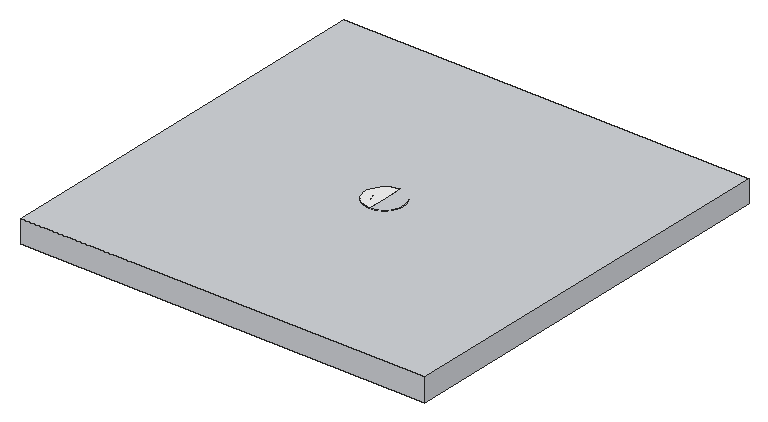
Revit family
Parameters (values of type "2"")
  WFU = 0
  URL = "WWW.MIFAB.COM"
  Strainer Diameter = 9.000"
  Strainer Adjustment [instance] = 3.688"
  Pipe Radius = Pipe Diameter / 2  # 1.000"
  Pipe Diameter = 2.000"
  Model = "F1840"
  Manufacturer = "MIFAB"
  Floor Drain Material = Paint - Sherwin Williams Paint - #952C2A - Bellwood Red
  Description = "PLANTING AREA DRAIN W/9\" ADJUSTABLE TRACTOR GRATE W/STAINLESS STEEL BALLAST GUARD"
  Default Elevation = 0.000"
  Body Height = 3.375"
  Assembly Code = ""
Types (6): name | Strainer Adjustment | Pipe Radius | Pipe Diameter | Body Height
  (no name) | 3.688" | 1.000" | 2.000" | 3.375"
  2" | 3.688" | 1.000" | 2.000" | 3.375"
  3" | 3.688" | 1.500" | 3.000" | 3.375"
  4" | 3.688" | 2.000" | 4.000" | 3.375"
  5" | 2.810" | 2.500" | 5.000" | 3.375"
  6" | 3.688" | 3.000" | 6.000" | 4.750"
Reference planes (in)
  plane 1 "Center (Front/Back)": y = 0
  plane 2: z = 0
  plane 3 "Center (Left/Right)": x = 0
  plane 4: z = -5.125
  plane 5: y = -4.5
  plane 6: y = 4.5
  plane 7: y = 4
  plane 8: y = -4
  plane 9: y = -1
  plane 10: y = 1
  plane 11: y = -2.5
  plane 12: z = -3.688
  plane 13: z = -13.063
  plane 14: z = -9.688
  plane 15: z = -10.3755
  plane 16: z = -5.438
  plane 17: z = -10.438
  plane 18: y = -3.23459
  plane 19: z = -9.288
  plane 20: y = 3
Forms (in)
  Extrusion 1, solid
    sketch origin (0, 0, 0) x (1, 0, 0) y (0, 1, 0)
      loop
        line (-48, 48) -> (-48, -48) -> (48, -48) -> (48, 48) -> (-48, 48)
    from 0 to -5.438
  Revolve 2, solid, material "Paint - Sherwin Williams Paint - #952C2A - Bellwood Red" <- "Floor Drain Material"
    sketch origin (0, 0.04396, -5.125) x (0, 1, 0) y (0, 0, 1)
      loop
        line (-3.16146, -4.563) -> (-4.04396, -4.563) -> (-4.04396, -4.763) -> (-3.36146, -4.763) -> (-3.36146, -6.15281) -> (-1.04396, -6.97179) -> (-1.04396, -7.938) -> (-0.84396, -7.938) -> (-0.84396, -6.83035) -> (-3.16146, -6.01137) -> (-3.16146, -4.563)
      axis (-0.04396, -4.563) -> (-0.04396, -7.938)
    angle from 0 to 360
  Revolve 3, solid, material "Paint - Sherwin Williams Paint - #952C2A - Bellwood Red" <- "Floor Drain Material"
    sketch origin (0, 0.15, 0) x (0, 1, 0) y (0, 0, 1)
      loop
        line (-3.98751, -3.688) -> (-2.65, -3.688) -> (-2.65, -0.25) -> (-0.15, -0.25) -> (-0.15, 0) -> (-4.65, 0) -> (-4.65, -0.5) -> (-4.15, -0.5) -> (-2.82549, -1.26471) -> (-2.82549, -3.438) -> (-4.15, -3.438) -> (-4.15, -3.688) -> (-4.15, -9.688) -> (-3.98751, -9.688) -> (-3.98751, -3.688)
      axis (-0.15, 0) -> (-0.15, -9.688)
    angle from 0 to 360
  Extrusion 4, void
    sketch origin (0, 0, 0) x (1, 0, 0) y (0, 0, 1)
      loop
        circle (0, -4.00047) r 0.15
      loop
        circle (0, -4.90047) r 0.15
      loop
        circle (0, -5.80047) r 0.15
      loop
        circle (0, -6.70047) r 0.15
      loop
        circle (0, -7.60047) r 0.15
      loop
        circle (0, -8.50047) r 0.15
      loop
        circle (0, -9.40047) r 0.15
    from -5.43355 to 5.66764
  Extrusion 5, void
    sketch origin (0, 0, 0) x (0.939693, 0.34202, 0) y (0, 0, 1)
      loop
        circle (0, -4.00047) r 0.15
      loop
        circle (0, -4.90047) r 0.15
      loop
        circle (0, -5.80047) r 0.15
      loop
        circle (0, -6.70047) r 0.15
      loop
        circle (0, -7.60047) r 0.15
      loop
        circle (0, -8.50047) r 0.15
      loop
        circle (0, -9.40047) r 0.15
    from -5.43355 to 5.66764
  Extrusion 6, void
    sketch origin (0, 0, 0) x (0.766044, 0.642788, 0) y (0, 0, 1)
      loop
        circle (0, -4.00047) r 0.15
      loop
        circle (0, -4.90047) r 0.15
      loop
        circle (0, -5.80047) r 0.15
      loop
        circle (0, -6.70047) r 0.15
      loop
        circle (0, -7.60047) r 0.15
      loop
        circle (0, -8.50047) r 0.15
      loop
        circle (0, -9.40047) r 0.15
    from -5.43355 to 5.66764
  Extrusion 7, void
    sketch origin (0, 0, 0) x (0.5, 0.866025, 0) y (0, 0, 1)
      loop
        circle (0, -4.00047) r 0.15
      loop
        circle (0, -4.90047) r 0.15
      loop
        circle (0, -5.80047) r 0.15
      loop
        circle (0, -6.70047) r 0.15
      loop
        circle (0, -7.60047) r 0.15
      loop
        circle (0, -8.50047) r 0.15
      loop
        circle (0, -9.40047) r 0.15
    from -5.43355 to 5.66764
  Extrusion 8, void
    sketch origin (0, 0, 0) x (0.173648, 0.984808, 0) y (0, 0, 1)
      loop
        circle (0, -4.00047) r 0.15
      loop
        circle (0, -4.90047) r 0.15
      loop
        circle (0, -5.80047) r 0.15
      loop
        circle (0, -6.70047) r 0.15
      loop
        circle (0, -7.60047) r 0.15
      loop
        circle (0, -8.50047) r 0.15
      loop
        circle (0, -9.40047) r 0.15
    from -5.43355 to 5.66764
  Extrusion 9, void
    sketch origin (0, 0, 0) x (-0.173648, 0.984808, 0) y (0, 0, 1)
      loop
        circle (0, -4.00047) r 0.15
      loop
        circle (0, -4.90047) r 0.15
      loop
        circle (0, -5.80047) r 0.15
      loop
        circle (0, -6.70047) r 0.15
      loop
        circle (0, -7.60047) r 0.15
      loop
        circle (0, -8.50047) r 0.15
      loop
        circle (0, -9.40047) r 0.15
    from -5.43355 to 5.66764
  Extrusion 10, void
    sketch origin (0, 0, 0) x (-0.5, 0.866025, 0) y (0, 0, 1)
      loop
        circle (0, -4.00047) r 0.15
      loop
        circle (0, -4.90047) r 0.15
      loop
        circle (0, -5.80047) r 0.15
      loop
        circle (0, -6.70047) r 0.15
      loop
        circle (0, -7.60047) r 0.15
      loop
        circle (0, -8.50047) r 0.15
      loop
        circle (0, -9.40047) r 0.15
    from -5.43355 to 5.66764
  Extrusion 11, void
    sketch origin (0, 0, 0) x (-0.766044, 0.642788, 0) y (0, 0, 1)
      loop
        circle (0, -4.00047) r 0.15
      loop
        circle (0, -4.90047) r 0.15
      loop
        circle (0, -5.80047) r 0.15
      loop
        circle (0, -6.70047) r 0.15
      loop
        circle (0, -7.60047) r 0.15
      loop
        circle (0, -8.50047) r 0.15
      loop
        circle (0, -9.40047) r 0.15
    from -5.43355 to 5.66764
  Extrusion 12, void
    sketch origin (0, 0, 0) x (-0.939693, 0.34202, 0) y (0, 0, 1)
      loop
        circle (0, -4.00047) r 0.15
      loop
        circle (0, -4.90047) r 0.15
      loop
        circle (0, -5.80047) r 0.15
      loop
        circle (0, -6.70047) r 0.15
      loop
        circle (0, -7.60047) r 0.15
      loop
        circle (0, -8.50047) r 0.15
      loop
        circle (0, -9.40047) r 0.15
    from -5.43355 to 5.66764
Cuts and joins
  Extrusion 4, Extrusion 5, Extrusion 6, Extrusion 7, Extrusion 8, Extrusion 9, Extrusion 10, Extrusion 11, Extrusion 12 cuts Revolve 3
Lines and regions (in)
  symbolic lines
    curve 1: circle (0, 0, 0) r 4.85 normal (0, 0, 1)
    curve 2: circle (0, 0, 0) r 4.85 normal (0, 0, 1)
    curve 3: circle (0, 0, 0) r 4.5 normal (0, 0, 1)
Dimensions and locks (in)
  equal spacing: plane 6, plane 1 "Center (Front/Back)", plane 5
  "Strainer Diameter": plane 6 to plane 5
  equal spacing: plane 7, plane 1 "Center (Front/Back)", plane 8
  equal spacing: plane 10, plane 1 "Center (Front/Back)", plane 9
  "Pipe Diameter": plane 10 to plane 9
  Revolve 2 sketch curve to plane 9 = 0.200"
  "Pipe Radius": plane 1 "Center (Front/Back)" to plane 9
  plane 12 to Revolve 3 sketch curve = 0.250"
  "Strainer Adjustment": plane 12 to level
  "Body Height": plane 14 to plane 13
  locked: plane 14 to plane 12 at 6
  locked: plane 14 to Revolve 2 sketch curve at 0.2
  plane 16 to plane 17 = 5.000"  (x2)
  locked: plane 14 to plane 17 at 0.75
  plane 19 to plane 14 = 0.400"
  Revolve 2 sketch curve to Revolve 2 sketch curve = 0.200"  (x2)
  plane 1 "Center (Front/Back)" to Revolve 3 sketch curve to Revolve 3 sketch curve = 2.500" locked, 0.17549" locked
  Revolve 2 sketch curve to plane 13 = 1.78519"
  Revolve 2 sketch curve to plane 13 = 1.92663"
  Revolve 3 sketch curve to plane 5 = 0.500"
  locked: plane 7 to plane 8 at 8
  aligned and locked: plane 2 to Extrusion 1
  aligned and locked: Revolve 3 sketch curve to plane 1 "Center (Front/Back)"  (x2)
  aligned and locked: Revolve 2 sketch curve to plane 9
  aligned and locked: Revolve 3 sketch curve to plane 5
  aligned and locked: Revolve 3 sketch curve to plane 12
  aligned and locked: plane 13 to Revolve 2 sketch curve
  aligned and locked: Revolve 2 sketch curve to plane 14
Automatic sketch dimensions
  Extrusion 1 sketch curve to Extrusion 1 sketch curve = 96.000"  (x2)
  Revolve 2 sketch curve to plane 1 "Center (Front/Back)" = 0.000"
  Revolve 2 sketch curve to plane 13 = 0.000"
  Revolve 2 sketch curve to plane 18 = 0.11709"
  plane 8 to Revolve 2 sketch curve = 0.000"
  Revolve 2 sketch curve to plane 14 = 0.250"
  Extrusion 4 sketch curve to Extrusion 4 sketch curve = 0.900"  (x6)
  Extrusion 4 sketch curve to Extrusion 4 sketch curve = 0.000"  (x6)
  Extrusion 5 sketch curve to Extrusion 5 sketch curve = 0.900"  (x6)
  Extrusion 5 sketch curve to Extrusion 5 sketch curve = 0.000"  (x6)
  Extrusion 6 sketch curve to Extrusion 6 sketch curve = 0.900"  (x6)
  Extrusion 6 sketch curve to Extrusion 6 sketch curve = 0.000"  (x6)
  Extrusion 7 sketch curve to Extrusion 7 sketch curve = 0.900"  (x6)
  Extrusion 7 sketch curve to Extrusion 7 sketch curve = 0.000"  (x6)
  Extrusion 8 sketch curve to Extrusion 8 sketch curve = 0.900"  (x6)
  Extrusion 8 sketch curve to Extrusion 8 sketch curve = 0.000"  (x6)
  Extrusion 9 sketch curve to Extrusion 9 sketch curve = 0.900"  (x6)
  Extrusion 9 sketch curve to Extrusion 9 sketch curve = 0.000"  (x6)
  Extrusion 10 sketch curve to Extrusion 10 sketch curve = 0.900"  (x6)
  Extrusion 10 sketch curve to Extrusion 10 sketch curve = 0.000"  (x6)
  Extrusion 11 sketch curve to Extrusion 11 sketch curve = 0.900"  (x6)
  Extrusion 11 sketch curve to Extrusion 11 sketch curve = 0.000"  (x6)
  Extrusion 12 sketch curve to Extrusion 12 sketch curve = 0.900"  (x6)
  Extrusion 12 sketch curve to Extrusion 12 sketch curve = 0.000"  (x6)
  Extrusion 4 sketch curve to plane 3 "Center (Left/Right)" = 0.000"
  Extrusion 4 sketch curve to plane 19 = 0.11247"
  plane 16 to Extrusion 5 sketch curve = 0.53753"
  plane 16 to Extrusion 6 sketch curve = 0.53753"
  plane 16 to Extrusion 7 sketch curve = 0.53753"
  plane 16 to Extrusion 8 sketch curve = 0.53753"
  plane 16 to Extrusion 9 sketch curve = 0.53753"
  plane 16 to Extrusion 10 sketch curve = 0.53753"
  plane 16 to Extrusion 11 sketch curve = 0.53753"
  plane 16 to Extrusion 12 sketch curve = 0.53753"
  Revolve 3 sketch curve to plane 8 = 0.000"
  Revolve 3 sketch curve to level = 0.000"
  Revolve 3 sketch curve to plane 14 = 0.000"
  plane 12 to Revolve 3 sketch curve = 0.000"
  Revolve 3 sketch curve to Revolve 3 sketch curve = 0.1934"
  level to Revolve 3 sketch curve = 1.19115"
  Revolve 3 sketch curve to Revolve 3 sketch curve = 0.16249"
  Revolve 3 sketch curve to Revolve 3 sketch curve = 1.01471"
  Revolve 3 sketch curve to Revolve 3 sketch curve = 0.500"
  Revolve 3 sketch curve to level = 1.26471"
  curve 1 to curve 2 = 0.000"  (x2)
  curve 1 to curve 3 = 0.000"  (x2)
  curve 2 to curve 3 = 0.000"  (x2)
  plane 1 "Center (Front/Back)" to curve 2 = 0.000"
  curve 2 to plane 3 "Center (Left/Right)" = 0.000"
  radius of Extrusion 4 sketch curve = 0.150"  (x7)
  radius of Extrusion 5 sketch curve = 0.150"  (x7)
  radius of Extrusion 6 sketch curve = 0.150"  (x7)
  radius of Extrusion 7 sketch curve = 0.150"  (x7)
  radius of Extrusion 8 sketch curve = 0.150"  (x7)
  radius of Extrusion 9 sketch curve = 0.150"  (x7)
  radius of Extrusion 10 sketch curve = 0.150"  (x7)
  radius of Extrusion 11 sketch curve = 0.150"  (x7)
  radius of Extrusion 12 sketch curve = 0.150"  (x7)
  radius of curve 1 = 4.850"
  radius of curve 2 = 4.850"
  radius of curve 3 = 4.500"
Connectors (in)
  piping at (0, 0, -13.063), driven by "Pipe Radius", driven by "WFU"
    settings: on Revolve 2, index 2, connector radius 1", flow factor 0, pipe flow 0 GPM, pressure drop 0.00 psi, fitting loss kfactor 0, connector angle 0.00°, fixture units 0, flow configuration 3, flow direction 2, fitting loss method 0, system type 16, connector reference index -1, connector utility 0, adjustable connector no, is connector primary yes, fitting loss table "", connector description "Sanitary Out"
